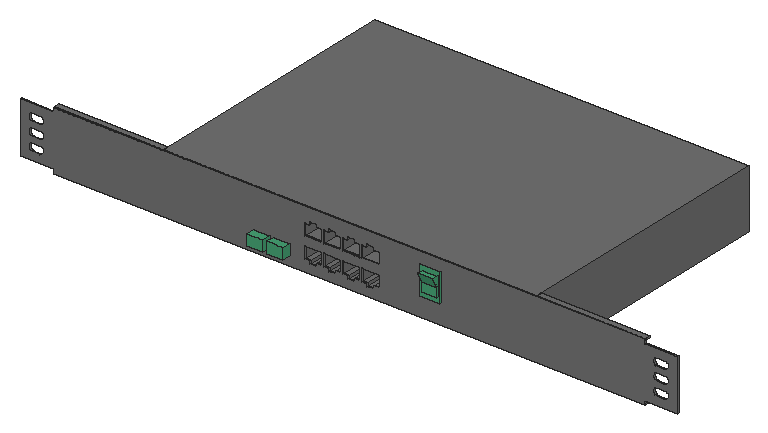
Revit family "STS-576_RV17_LOD400_(06.11.23)", category Электрооборудование, Revit 2017
Family settings
  Конфигурация панели = Два столбца, слева направо
  Размер круглого соединителя = Использовать диаметр
  Тип детали = Щит
  На основе рабочей плоскости = Нет
  Всегда вертикально = Нет
  При загрузке вырезать с полостями = Нет
  Общий = Нет
  Точка расчета площади = Нет
Parameters (values of type "STS-576")
  Тип разъема = "2xLC"
  Тип кабеля = "SМ 9/125 μm"
  Смещение_УГО_Y [instance] = 0 mm
  Смещение_УГО_X [instance] = 0 mm
  Скорость передачи данных SFP (оптический порт), Мбит/с = "10/100/1000"
  Скорость передачи данных Ethernet (RG-45), Мбит/с = "10/100/1000"
  Расстояние передачи данных (информации), дальность действия по оптическому кабелю, до, м = 20000 mm
  Расстояние передачи данных (информации), дальность действия по кабелю UTP-5e, до, м = 100 mm
  Раздел проекта [instance] = ""
  Раздел Спецификации [instance] = ""
  Потребляемый ток при напряжении 220В, не более, А = 1 A
  Потребляемый ток при напряжении 12В, не более, А = 4.2 A
  Поддерживаемые стандарты Ethеrnеt = "EEE802.3u 100BASE-TX, IEEE802.3 10BASE-T, IEEE802.3z 1000Base-X, IEEE802.3x Flow Control"
  Напряжение электропитания постоянного тока, В = "12 ± 10%"
  Напряжение электропитания переменного тока, В/ Гц = "220 / 50"
  Напряжение = "12"
  Количество разъемов клеммная колодка, шт. = 1
  Количество разъемов SFP, шт. = 2
  Количество разъемов  RG-45, шт. = 8
  Защита от переполюсовки = "да"
  Длина волны, нм = 1310
  Диапазон рабочих температур, С = "от –40 до +50"
  Время непрерывной работы, ч = "круглосуточно"
  В_Смещение_УГО_Y [instance] = Смещение_УГО_Y + 2000 mm  # 2000 mm
  В_Смещение_УГО_X [instance] = Смещение_УГО_X + 2000 mm  # 2000 mm
  d_короба = 20 mm
  ADSK_Размер_Длина = 490 mm
  ADSK_Размер_Глубина = 208 mm
  ADSK_Размер_Высота = 44 mm
  ADSK_Примечание = ""
  ADSK_Наименование = "Блок связи станционный STS-576"
  ADSK_Масса = 2
  ADSK_Марка = "СТВФ.426471.140"
  ADSK_Количество = 1
  ADSK_Завод-изготовитель = "ООО «Основа Безопасности»"  # constant formula
  ADSK_Единица измерения = "шт."  # constant formula
  ADSK_URL страницы изделия = "https://stilsoft.ru/products/sts-576"
  ADSK_URL документации изделия = ""
Reference planes
  plane 1 "По центру (Вперед/Назад)": y = 0
  plane 2: z = 0
  plane 3 "По центру (Влево/Вправо)": x = 0
  plane 4: y = 2000
  plane 5: x = -2000
  plane 6: x = 0
  plane 7: y = 0
  plane 8: z = 44
  plane 9: x = 245
  plane 10: x = -245
  plane 11: y = 207
  plane 12: y = -1
  plane 13: x = 139
  plane 14: x = -139
  plane 15: y = 4
  plane 16: y = 197
Forms (mm)
  Extrusion 1, solid, material "корпус", detail levels medium+fine
    sketch origin (0, 0, 0) x (1, 0, 0) y (0, 0, 1)
      loop
        line (-220, 41) -> (-245, 41) -> (-245, 3) -> (-220, 3) -> (-220, 0) -> (220, 0) -> (220, 3) -> (245, 3) -> (245, 41) -> (220, 41) -> (220, 44) -> (-220, 44) -> (-220, 41)
      loop
        arc (-235.231, 25.005) -> (-238.236, 22) -> (-235.231, 18.995) r 3.005
        line (-235.231, 18.995) -> (-230.231, 18.995)
        arc (-230.231, 18.995) -> (-227.227, 22) -> (-230.231, 25.005) r 3.005
        line (-230.231, 25.005) -> (-235.231, 25.005)
      loop
        arc (-235.231, 35.005) -> (-238.236, 32) -> (-235.231, 28.995) r 3.005
        line (-235.231, 28.995) -> (-230.231, 28.995)
        arc (-230.231, 28.995) -> (-227.227, 32) -> (-230.231, 35.005) r 3.005
        line (-230.231, 35.005) -> (-235.231, 35.005)
      loop
        line (-235.231, 8.995) -> (-230.231, 8.995)
        arc (-230.231, 8.995) -> (-227.227, 12) -> (-230.231, 15.005) r 3.005
        line (-230.231, 15.005) -> (-235.231, 15.005)
        arc (-235.231, 15.005) -> (-238.236, 12) -> (-235.231, 8.995) r 3.005
      loop
        line (235.231, 25.005) -> (230.231, 25.005)
        arc (230.231, 25.005) -> (227.227, 22) -> (230.231, 18.995) r 3.005
        line (230.231, 18.995) -> (235.231, 18.995)
        arc (235.231, 18.995) -> (238.236, 22) -> (235.231, 25.005) r 3.005
      loop
        line (235.231, 35.005) -> (230.231, 35.005)
        arc (230.231, 35.005) -> (227.227, 32) -> (230.231, 28.995) r 3.005
        line (230.231, 28.995) -> (235.231, 28.995)
        arc (235.231, 28.995) -> (238.236, 32) -> (235.231, 35.005) r 3.005
      loop
        arc (235.231, 8.995) -> (238.236, 12) -> (235.231, 15.005) r 3.005
        line (235.231, 15.005) -> (230.231, 15.005)
        arc (230.231, 15.005) -> (227.227, 12) -> (230.231, 8.995) r 3.005
        line (230.231, 8.995) -> (235.231, 8.995)
    from 0 to 1
  Extrusion 2, solid, material "корпус", detail levels medium+fine
    sketch origin (0, 0, 0) x (1, 0, 0) y (0, 0, 1)
      loop
        line (-220, 44) -> (-220, 42.956) -> (-139, 42.956) -> (-139, 44) -> (-220, 44)
      loop
        line (-220, 1.044) -> (-220, 0) -> (-139, 0) -> (-139, 1.044) -> (-220, 1.044)
      loop
        line (220, 44) -> (139, 44) -> (139, 42.956) -> (220, 42.956) -> (220, 44)
      loop
        line (220, 1.044) -> (139, 1.044) -> (139, 0) -> (220, 0) -> (220, 1.044)
    from 0 to -4
  Extrusion 3, solid, material "корпус", detail levels medium+fine
    sketch origin (0, 0, 0) x (1, 0, 0) y (0, 0, 1)
      loop
        line (-139, 44) -> (-139, 0) -> (139, 0) -> (139, 44) -> (-139, 44)
    from 0 to -197
  Extrusion 4, solid, material "соединения 2", detail levels medium+fine
    sketch origin (0, 0, 0) x (1, 0, 0) y (0, 0, 1)
      loop
        arc (66.339, 37.447) -> (64.372, 36.973) -> (62.953, 35.531) r 3.682
        line (62.953, 35.531) -> (55.927, 22.703)
        arc (55.927, 22.703) -> (55.477, 20.947) -> (55.927, 19.192) r 3.654
        line (55.927, 19.192) -> (62.953, 6.364)
        arc (62.953, 6.364) -> (64.372, 4.922) -> (66.339, 4.447) r 3.682
        line (66.339, 4.447) -> (86.661, 4.447)
        arc (86.661, 4.447) -> (88.628, 4.922) -> (90.047, 6.364) r 3.682
        line (90.047, 6.364) -> (97.24, 19.496)
        arc (97.24, 19.496) -> (97.611, 20.947) -> (97.24, 22.398) r 3.021
        line (97.24, 22.398) -> (90.047, 35.531)
        arc (90.047, 35.531) -> (88.628, 36.973) -> (86.661, 37.447) r 3.682
        line (86.661, 37.447) -> (66.339, 37.447)
    from -197 to -200
  Extrusion 5, solid, material "соединения 2", detail levels medium+fine
    sketch origin (0, 0, 0) x (1, 0, 0) y (0, 0, 1)
      loop
        line (64.372, 31.874) -> (64.372, 10.021)
        arc (64.372, 10.021) -> (65.443, 7.435) -> (68.029, 6.364) r 3.657
        line (68.029, 6.364) -> (84.971, 6.364)
        arc (84.971, 6.364) -> (87.557, 7.435) -> (88.628, 10.021) r 3.657
        line (88.628, 10.021) -> (88.628, 31.874)
        arc (88.628, 31.874) -> (87.557, 34.46) -> (84.971, 35.531) r 3.657
        line (84.971, 35.531) -> (68.029, 35.531)
        arc (68.029, 35.531) -> (65.443, 34.46) -> (64.372, 31.874) r 3.657
    from -200 to -203
  Extrusion 6, void, detail levels medium+fine
    sketch origin (0, 0, 0) x (1, 0, 0) y (0, 0, 1)
      loop
        line (66.304, 20.683) -> (86.304, 20.683) -> (86.304, 30.205) -> (82.768, 33.741) -> (69.839, 33.741) -> (66.304, 30.205) -> (66.304, 20.683)
    from -203 to -190
  Extrusion 7, solid, material "соединения", detail levels medium+fine
    sketch origin (-37.355, 197, -1.109) x (-1, 0, 0) y (0, 0, 1)
      loop
        line (-59.92, 8.372) -> (-59.92, 17.372) -> (-70.908, 17.372) -> (-70.908, 8.372) -> (-59.92, 8.372)
    from 0 to 1
  Extrusion 8, solid, material "соединения", detail levels medium+fine
    sketch origin (-37.355, 197, -1.109) x (-1, 0, 0) y (0, 0, 1)
      loop
        line (-59.908, 8.372) -> (-59.908, 9.901)
        arc (-59.908, 9.901) -> (-62.396, 9.213) -> (-64.878, 9.919) r 4.778
        arc (-64.878, 9.919) -> (-67.378, 9.213) -> (-69.878, 9.919) r 4.778
        line (-69.878, 9.919) -> (-70.908, 9.919) -> (-70.908, 8.372) -> (-59.908, 8.372)
      loop
        line (-70.908, 17.372) -> (-70.908, 15.783) -> (-59.92, 15.783) -> (-59.92, 17.372) -> (-70.908, 17.372)
    from 1 to 10
  Blend 9, solid, material "соединения", detail levels medium+fine
    base sketch origin (-37.355, 197, -1.109) x (-1, 0, 0) y (0, 0, 1)
      loop
        circle (-62.378, 12.498) r 1.379
    top sketch origin (-37.355, 197, -1.109) x (-1, 0, 0) y (0, 0, 1)
      loop
        circle (-62.378, 12.498) r 0.948
    from 1 to 3
  Blend 10, solid, material "соединения", detail levels medium+fine
    base sketch origin (-37.355, 197, -1.109) x (-1, 0, 0) y (0, 0, 1)
      loop
        line (-61.926, 12.946) -> (-62.852, 12.946) -> (-62.852, 12.024) -> (-61.926, 12.024) -> (-61.926, 12.946)
    top sketch origin (-37.355, 197, -1.109) x (-1, 0, 0) y (0, 0, 1)
      loop
        line (-61.997, 12.862) -> (-62.799, 12.862) -> (-62.799, 12.075) -> (-61.997, 12.075) -> (-61.997, 12.862)
    from 3 to 8
  Blend 11, void, detail levels medium+fine
    base sketch origin (45.786, 191.297, -2.584) x (1, 0, 0) y (0, 0, -1)
      loop
        line (-16.72, -18.848) -> (-14.723, -18.848) -> (-14.723, -17.258) -> (-16.72, -17.258) -> (-16.72, -18.848)
    top sketch origin (45.786, 191.297, -2.584) x (1, 0, 0) y (0, 0, -1)
      loop
        line (-16.213, -18.848) -> (-15.166, -18.848) -> (-15.166, -17.258) -> (-16.213, -17.258) -> (-16.213, -18.848)
    from 15.703 to 13.143
  Blend 12, solid, material "соединения", detail levels medium+fine
    base sketch origin (-37.355, 197, -1.109) x (-1, 0, 0) y (0, 0, 1)
      loop
        circle (-67.378, 12.498) r 1.379
    top sketch origin (-37.355, 197, -1.109) x (-1, 0, 0) y (0, 0, 1)
      loop
        circle (-67.378, 12.498) r 0.948
    from 1 to 3
  Blend 13, solid, material "соединения", detail levels medium+fine
    base sketch origin (-37.355, 197, -1.109) x (-1, 0, 0) y (0, 0, 1)
      loop
        line (-66.926, 12.946) -> (-67.852, 12.946) -> (-67.852, 12.024) -> (-66.926, 12.024) -> (-66.926, 12.946)
    top sketch origin (-37.355, 197, -1.109) x (-1, 0, 0) y (0, 0, 1)
      loop
        line (-66.997, 12.862) -> (-67.799, 12.862) -> (-67.799, 12.075) -> (-66.997, 12.075) -> (-66.997, 12.862)
    from 3 to 8
  Blend 14, void, detail levels medium+fine
    base sketch origin (40.786, 191.297, -2.584) x (1, 0, 0) y (0, 0, -1)
      loop
        line (-16.72, -18.848) -> (-14.723, -18.848) -> (-14.723, -17.258) -> (-16.72, -17.258) -> (-16.72, -18.848)
    top sketch origin (40.786, 191.297, -2.584) x (1, 0, 0) y (0, 0, -1)
      loop
        line (-16.213, -18.848) -> (-15.166, -18.848) -> (-15.166, -17.258) -> (-16.213, -17.258) -> (-16.213, -18.848)
    from 15.703 to 13.143
  Extrusion 15, solid, material "соединения", detail levels medium+fine
    sketch origin (0, 0, 0) x (1, 0, 0) y (0, 0, 1)
      loop
        line (53.17, 35.622) -> (53.17, 14.622) -> (68.17, 14.622) -> (68.17, 35.622) -> (53.17, 35.622)
    from 1 to 1.5
  Extrusion 16, solid, material "соединения", detail levels medium+fine
    sketch origin (55.17, 0, 0) x (0, 0, -1) y (0, -1, 0)
      loop
        line (-25.122, 1.5) -> (-18.139, 1.5) -> (-18.139, 2.396) -> (-25.122, 2.396) -> (-32.111, 5.655) -> (-32.111, 1.5) -> (-25.122, 1.5)
    from 0 to -11
  Extrusion 17, void
    sketch origin (-7.183, 83.5, 0.057) x (1, 0, 0) y (0, 0, 1)
      loop
        line (-25.878, 23.948) -> (-12.878, 23.948) -> (-12.878, 32.948) -> (-16.878, 32.948) -> (-16.878, 34.948) -> (-21.878, 34.948) -> (-21.878, 32.948) -> (-25.878, 32.948) -> (-25.878, 23.948)
    from 84.5 to 70
  Extrusion 18, void
    sketch origin (-7.183, 83.5, 41.557) x (1, 0, 0) y (0, 0, 1)
      loop
        line (-25.878, -23.948) -> (-25.878, -32.948) -> (-21.878, -32.948) -> (-21.878, -34.948) -> (-16.878, -34.948) -> (-16.878, -32.948) -> (-12.878, -32.948) -> (-12.878, -23.948) -> (-25.878, -23.948)
    from 84.5 to 70
  Extrusion 19, void
    sketch origin (6.997, 83.5, 0.057) x (1, 0, 0) y (0, 0, 1)
      loop
        line (-25.878, 23.948) -> (-12.878, 23.948) -> (-12.878, 32.948) -> (-16.878, 32.948) -> (-16.878, 34.948) -> (-21.878, 34.948) -> (-21.878, 32.948) -> (-25.878, 32.948) -> (-25.878, 23.948)
    from 84.5 to 70
  Extrusion 20, void
    sketch origin (6.997, 83.5, 41.557) x (1, 0, 0) y (0, 0, 1)
      loop
        line (-25.878, -23.948) -> (-25.878, -32.948) -> (-21.878, -32.948) -> (-21.878, -34.948) -> (-16.878, -34.948) -> (-16.878, -32.948) -> (-12.878, -32.948) -> (-12.878, -23.948) -> (-25.878, -23.948)
    from 84.5 to 70
  Extrusion 21, void
    sketch origin (21.176, 83.5, 0.057) x (1, 0, 0) y (0, 0, 1)
      loop
        line (-25.878, 23.948) -> (-12.878, 23.948) -> (-12.878, 32.948) -> (-16.878, 32.948) -> (-16.878, 34.948) -> (-21.878, 34.948) -> (-21.878, 32.948) -> (-25.878, 32.948) -> (-25.878, 23.948)
    from 84.5 to 70
  Extrusion 22, void
    sketch origin (21.176, 83.5, 41.557) x (1, 0, 0) y (0, 0, 1)
      loop
        line (-25.878, -23.948) -> (-25.878, -32.948) -> (-21.878, -32.948) -> (-21.878, -34.948) -> (-16.878, -34.948) -> (-16.878, -32.948) -> (-12.878, -32.948) -> (-12.878, -23.948) -> (-25.878, -23.948)
    from 84.5 to 70
  Extrusion 23, void
    sketch origin (35.356, 83.5, 0.057) x (1, 0, 0) y (0, 0, 1)
      loop
        line (-25.878, 23.948) -> (-12.878, 23.948) -> (-12.878, 32.948) -> (-16.878, 32.948) -> (-16.878, 34.948) -> (-21.878, 34.948) -> (-21.878, 32.948) -> (-25.878, 32.948) -> (-25.878, 23.948)
    from 84.5 to 70
  Extrusion 24, void
    sketch origin (35.356, 83.5, 41.557) x (1, 0, 0) y (0, 0, 1)
      loop
        line (-25.878, -23.948) -> (-25.878, -32.948) -> (-21.878, -32.948) -> (-21.878, -34.948) -> (-16.878, -34.948) -> (-16.878, -32.948) -> (-12.878, -32.948) -> (-12.878, -23.948) -> (-25.878, -23.948)
    from 84.5 to 70
  Extrusion 25, solid, material "соединения", detail levels medium+fine
    sketch origin (0, 0, 0) x (1, 0, 0) y (0, 0, 1)
      loop
        line (-56.274, 14.899) -> (-56.274, 6.758) -> (-44.297, 6.758) -> (-44.297, 14.899) -> (-56.274, 14.899)
      loop
        line (-71.274, 14.899) -> (-71.274, 6.758) -> (-59.297, 6.758) -> (-59.297, 14.899) -> (-71.274, 14.899)
    from 1 to 7
Cuts and joins
  Extrusion 6, Extrusion 17, Extrusion 18, Extrusion 19, Extrusion 20, Extrusion 21, Extrusion 22, Extrusion 23, Extrusion 24 cuts Extrusion 3
  Extrusion 6 cuts Extrusion 4
  Extrusion 6 cuts Extrusion 5
  Blend 11, Blend 14 cuts Extrusion 8
  Extrusion 17, Extrusion 18, Extrusion 19, Extrusion 20, Extrusion 21, Extrusion 22, Extrusion 23, Extrusion 24 cuts Extrusion 1
Dimensions and locks
  locked: plane 4 to plane 1 "По центру (Вперед/Назад)" at 2000
  locked: plane 5 to plane 3 "По центру (Влево/Вправо)" at 2000
  "В_Смещение_УГО_X": plane 5 to plane 6
  "В_Смещение_УГО_Y": plane 4 to plane 7
  "ADSK_Размер_Высота": plane 8 to level
  "ADSK_Размер_Длина": plane 10 to plane 9
  "ADSK_Размер_Глубина": plane 12 to plane 11
  aligned and locked: level to plane 2
  aligned and locked: Extrusion 7 to cut or joined group 1 (Extrusion 3, Extrusion 6, Extrusion 17, Extrusion 18, Extrusion 19, Extrusion 20, Extrusion 21, Extrusion 22, Extrusion 23, Extrusion 24)
  aligned and locked: Extrusion 7 to cut or joined group of Extrusion 8, Blend 11, Blend 14
  aligned and locked: Extrusion 16 to Extrusion 15
Automatic sketch dimensions
  plane 10 to Extrusion 1 sketch curve = 0 mm
  Extrusion 1 sketch curve to plane 8 = 0 mm
  Extrusion 1 sketch curve to level = 0 mm
  Extrusion 1 sketch curve to plane 9 = 0 mm
  Extrusion 1 sketch curve to plane 10 = 9.769 mm
  Extrusion 1 sketch curve to Extrusion 1 sketch curve = 0 mm  (x5)
  Extrusion 1 sketch curve to Extrusion 1 sketch curve = 5 mm  (x5)
  Extrusion 1 sketch curve to Extrusion 1 sketch curve = 3.005 mm  (x6)
  Extrusion 1 sketch curve to Extrusion 1 sketch curve = 3.991 mm  (x4)
  Extrusion 2 sketch curve to plane 8 = 0 mm  (x2)
  Extrusion 2 sketch curve to level = 0 mm  (x2)
  plane 14 to Extrusion 2 sketch curve = 0 mm  (x2)
  Extrusion 2 sketch curve to plane 13 = 0 mm  (x2)
  level to Extrusion 2 sketch curve = 1.044 mm  (x2)
  Extrusion 2 sketch curve to plane 8 = 1.044 mm  (x2)
  Extrusion 1 sketch curve to plane 8 = 3 mm  (x2)
  level to Extrusion 1 sketch curve = 3 mm  (x2)
  level to Extrusion 1 sketch curve = 8.995 mm  (x2)
  Extrusion 1 sketch curve to Extrusion 1 sketch curve = 10.231 mm  (x3)
  Extrusion 2 sketch curve to plane 10 = 25 mm  (x2)
  Extrusion 1 sketch curve to plane 9 = 25 mm  (x2)
  Extrusion 2 sketch curve to plane 9 = 25 mm  (x2)
  Extrusion 3 sketch curve to level = 0 mm
  Extrusion 3 sketch curve to plane 14 = 0 mm
  plane 13 to Extrusion 3 sketch curve = 0 mm
  Extrusion 3 sketch curve to plane 8 = 0 mm
  Extrusion 4 sketch curve to Extrusion 4 sketch curve = 3.205 mm
  Extrusion 4 sketch curve to Extrusion 4 sketch curve = 3.233 mm  (x4)
  Extrusion 4 sketch curve to Extrusion 4 sketch curve = 0.154 mm  (x4)
  Extrusion 4 sketch curve to Extrusion 4 sketch curve = 12.828 mm
  Extrusion 4 sketch curve to Extrusion 4 sketch curve = 13.133 mm
  Extrusion 4 sketch curve to Extrusion 4 sketch curve = 1.755 mm
  Extrusion 4 sketch curve to Extrusion 4 sketch curve = 1.451 mm
  Extrusion 4 sketch curve to plane 8 = 6.553 mm
  Extrusion 4 sketch curve to Extrusion 4 sketch curve = 20.321 mm  (x2)
  Extrusion 4 sketch curve to Extrusion 4 sketch curve = 7.054 mm
  Extrusion 4 sketch curve to Extrusion 4 sketch curve = 3.679 mm  (x2)
  level to Extrusion 4 sketch curve = 19.192 mm
  plane 3 "По центру (Влево/Вправо)" to Extrusion 4 sketch curve = 55.927 mm
  Extrusion 4 sketch curve to plane 8 = 21.297 mm
  Extrusion 4 sketch curve to Extrusion 4 sketch curve = 7.026 mm
  Extrusion 4 sketch curve to Extrusion 4 sketch curve = 7.776 mm
  Extrusion 4 sketch curve to Extrusion 4 sketch curve = 2.649 mm
  Extrusion 4 sketch curve to plane 8 = 21.602 mm
  Extrusion 4 sketch curve to Extrusion 4 sketch curve = 0 mm
  Extrusion 4 sketch curve to Extrusion 4 sketch curve = 1.916 mm
  Extrusion 5 sketch curve to plane 8 = 12.126 mm
  plane 3 "По центру (Влево/Вправо)" to Extrusion 5 sketch curve = 64.372 mm
  Extrusion 5 sketch curve to Extrusion 5 sketch curve = 3.657 mm  (x4)
  Extrusion 5 sketch curve to Extrusion 5 sketch curve = 16.942 mm
  level to Extrusion 5 sketch curve = 10.021 mm
  Extrusion 6 sketch curve to plane 8 = 23.317 mm
  plane 3 "По центру (Влево/Вправо)" to Extrusion 6 sketch curve = 66.304 mm
  Extrusion 6 sketch curve to Extrusion 6 sketch curve = 20 mm
  Extrusion 6 sketch curve to Extrusion 6 sketch curve = 9.522 mm  (x2)
  Extrusion 6 sketch curve to Extrusion 6 sketch curve = 3.536 mm  (x2)
  Extrusion 6 sketch curve to plane 8 = 10.259 mm
  level to Extrusion 7 sketch curve = 7.263 mm
  plane 3 "По центру (Влево/Вправо)" to Extrusion 7 sketch curve = 33.552 mm
  Extrusion 7 sketch curve to Extrusion 7 sketch curve = 10.988 mm
  Extrusion 7 sketch curve to Extrusion 7 sketch curve = 9 mm
  level to Extrusion 8 sketch curve = 16.263 mm
  plane 3 "По центру (Влево/Вправо)" to Extrusion 8 sketch curve = 33.552 mm
  level to Extrusion 8 sketch curve = 7.263 mm
  Extrusion 8 sketch curve to Extrusion 8 sketch curve = 0 mm
  Extrusion 8 sketch curve to Extrusion 8 sketch curve = 1.03 mm
  Extrusion 8 sketch curve to Extrusion 8 sketch curve = 3.53 mm
  Extrusion 8 sketch curve to Extrusion 8 sketch curve = 5 mm
  Extrusion 8 sketch curve to Extrusion 8 sketch curve = 2.458 mm
  Extrusion 8 sketch curve to Extrusion 8 sketch curve = 2.47 mm
  Extrusion 8 sketch curve to Extrusion 8 sketch curve = 1.529 mm
  Extrusion 8 sketch curve to Extrusion 8 sketch curve = 1.547 mm
  Extrusion 8 sketch curve to Extrusion 8 sketch curve = 4.071 mm
  Extrusion 8 sketch curve to Extrusion 8 sketch curve = 3.382 mm
  Extrusion 8 sketch curve to Extrusion 8 sketch curve = 1.589 mm
  level to Blend 9 sketch curve = 11.389 mm  (x2)
  plane 3 "По центру (Влево/Вправо)" to Blend 9 sketch curve = 25.023 mm  (x2)
  level to Blend 10 sketch curve = 11.838 mm
  plane 3 "По центру (Влево/Вправо)" to Blend 10 sketch curve = 25.497 mm
  Blend 10 sketch curve to Blend 10 sketch curve = 0.926 mm
  Blend 10 sketch curve to Blend 10 sketch curve = 0.922 mm
  level to Blend 10 sketch curve = 11.753 mm
  plane 3 "По центру (Влево/Вправо)" to Blend 10 sketch curve = 25.443 mm
  Blend 10 sketch curve to Blend 10 sketch curve = 0.802 mm
  Blend 10 sketch curve to Blend 10 sketch curve = 0.786 mm
  level to Blend 11 sketch curve = 16.263 mm
  plane 3 "По центру (Влево/Вправо)" to Blend 11 sketch curve = 29.067 mm
  Blend 11 sketch curve to Blend 11 sketch curve = 1.996 mm
  Blend 11 sketch curve to Blend 11 sketch curve = 1.589 mm  (x2)
  level to Blend 11 sketch curve = 14.674 mm
  plane 3 "По центру (Влево/Вправо)" to Blend 11 sketch curve = 29.573 mm
  Blend 11 sketch curve to Blend 11 sketch curve = 1.047 mm
  level to Blend 12 sketch curve = 11.389 mm  (x2)
  plane 3 "По центру (Влево/Вправо)" to Blend 12 sketch curve = 30.023 mm  (x2)
  level to Blend 13 sketch curve = 11.838 mm
  plane 3 "По центру (Влево/Вправо)" to Blend 13 sketch curve = 30.497 mm
  Blend 13 sketch curve to Blend 13 sketch curve = 0.926 mm
  Blend 13 sketch curve to Blend 13 sketch curve = 0.922 mm
  level to Blend 13 sketch curve = 11.753 mm
  plane 3 "По центру (Влево/Вправо)" to Blend 13 sketch curve = 30.443 mm
  Blend 13 sketch curve to Blend 13 sketch curve = 0.802 mm
  Blend 13 sketch curve to Blend 13 sketch curve = 0.786 mm
  level to Blend 14 sketch curve = 16.263 mm
  plane 3 "По центру (Влево/Вправо)" to Blend 14 sketch curve = 24.067 mm
  Blend 14 sketch curve to Blend 14 sketch curve = 1.996 mm
  Blend 14 sketch curve to Blend 14 sketch curve = 1.589 mm  (x2)
  level to Blend 14 sketch curve = 14.674 mm
  plane 3 "По центру (Влево/Вправо)" to Blend 14 sketch curve = 24.573 mm
  Blend 14 sketch curve to Blend 14 sketch curve = 1.047 mm
  level to Extrusion 15 sketch curve = 14.622 mm
  plane 3 "По центру (Влево/Вправо)" to Extrusion 15 sketch curve = 68.17 mm
  Extrusion 15 sketch curve to plane 8 = 8.378 mm
  Extrusion 15 sketch curve to Extrusion 15 sketch curve = 15 mm
  plane 12 to Extrusion 16 sketch curve = 0.5 mm
  Extrusion 16 sketch curve to plane 8 = 11.889 mm
  plane 12 to Extrusion 16 sketch curve = 1.396 mm
  Extrusion 16 sketch curve to Extrusion 16 sketch curve = 6.988 mm
  Extrusion 16 sketch curve to Extrusion 16 sketch curve = 6.984 mm
  Extrusion 16 sketch curve to Extrusion 16 sketch curve = 4.155 mm
  Extrusion 16 sketch curve to Extrusion 16 sketch curve = 0 mm
  Extrusion 17 sketch curve to plane 14 = 105.939 mm
  Extrusion 17 sketch curve to Extrusion 17 sketch curve = 4 mm  (x2)
  Extrusion 17 sketch curve to Extrusion 17 sketch curve = 5 mm
  Extrusion 17 sketch curve to plane 8 = 19.995 mm
  Extrusion 17 sketch curve to Extrusion 17 sketch curve = 9 mm
  Extrusion 17 sketch curve to Extrusion 17 sketch curve = 0 mm
  Extrusion 17 sketch curve to Extrusion 17 sketch curve = 2 mm
  Extrusion 18 sketch curve to plane 14 = 105.939 mm
  Extrusion 18 sketch curve to Extrusion 18 sketch curve = 4 mm  (x2)
  Extrusion 18 sketch curve to Extrusion 18 sketch curve = 5 mm
  Extrusion 18 sketch curve to plane 8 = 37.391 mm
  Extrusion 18 sketch curve to Extrusion 18 sketch curve = 2 mm  (x2)
  Extrusion 18 sketch curve to Extrusion 18 sketch curve = 9 mm
  Extrusion 19 sketch curve to plane 14 = 120.119 mm
  Extrusion 19 sketch curve to Extrusion 19 sketch curve = 4 mm  (x2)
  Extrusion 19 sketch curve to Extrusion 19 sketch curve = 5 mm
  Extrusion 19 sketch curve to plane 8 = 19.995 mm
  Extrusion 19 sketch curve to Extrusion 19 sketch curve = 9 mm
  Extrusion 19 sketch curve to Extrusion 19 sketch curve = 0 mm
  Extrusion 19 sketch curve to Extrusion 19 sketch curve = 2 mm
  Extrusion 20 sketch curve to plane 14 = 120.119 mm
  Extrusion 20 sketch curve to Extrusion 20 sketch curve = 4 mm  (x2)
  Extrusion 20 sketch curve to Extrusion 20 sketch curve = 5 mm
  Extrusion 20 sketch curve to plane 8 = 37.391 mm
  Extrusion 20 sketch curve to Extrusion 20 sketch curve = 2 mm  (x2)
  Extrusion 20 sketch curve to Extrusion 20 sketch curve = 9 mm
  Extrusion 21 sketch curve to plane 14 = 134.298 mm
  Extrusion 21 sketch curve to Extrusion 21 sketch curve = 4 mm
  Extrusion 21 sketch curve to plane 14 = 143.298 mm
  Extrusion 21 sketch curve to plane 14 = 147.298 mm
  Extrusion 21 sketch curve to plane 8 = 19.995 mm
  Extrusion 21 sketch curve to Extrusion 21 sketch curve = 9 mm
  Extrusion 21 sketch curve to Extrusion 21 sketch curve = 0 mm
  Extrusion 21 sketch curve to Extrusion 21 sketch curve = 2 mm
  Extrusion 22 sketch curve to plane 14 = 134.298 mm
  Extrusion 22 sketch curve to Extrusion 22 sketch curve = 4 mm
  Extrusion 22 sketch curve to plane 14 = 143.298 mm
  Extrusion 22 sketch curve to plane 14 = 147.298 mm
  Extrusion 22 sketch curve to plane 8 = 37.391 mm
  Extrusion 22 sketch curve to Extrusion 22 sketch curve = 2 mm  (x2)
  Extrusion 22 sketch curve to Extrusion 22 sketch curve = 9 mm
  Extrusion 23 sketch curve to plane 14 = 148.478 mm
  Extrusion 23 sketch curve to Extrusion 23 sketch curve = 4 mm  (x2)
  Extrusion 23 sketch curve to Extrusion 23 sketch curve = 5 mm
  Extrusion 23 sketch curve to plane 8 = 19.995 mm
  Extrusion 23 sketch curve to Extrusion 23 sketch curve = 9 mm
  Extrusion 23 sketch curve to Extrusion 23 sketch curve = 0 mm
  Extrusion 23 sketch curve to Extrusion 23 sketch curve = 2 mm
  Extrusion 24 sketch curve to plane 14 = 148.478 mm
  Extrusion 24 sketch curve to Extrusion 24 sketch curve = 4 mm  (x2)
  Extrusion 24 sketch curve to Extrusion 24 sketch curve = 5 mm
  Extrusion 24 sketch curve to plane 8 = 37.391 mm
  Extrusion 24 sketch curve to Extrusion 24 sketch curve = 2 mm  (x2)
  Extrusion 24 sketch curve to Extrusion 24 sketch curve = 9 mm
  level to Extrusion 25 sketch curve = 6.758 mm
  Extrusion 25 sketch curve to plane 14 = 67.726 mm
  Extrusion 25 sketch curve to Extrusion 25 sketch curve = 11.978 mm  (x2)
  Extrusion 25 sketch curve to Extrusion 25 sketch curve = 3.022 mm
  Extrusion 25 sketch curve to Extrusion 25 sketch curve = 0 mm  (x2)
  Extrusion 25 sketch curve to Extrusion 25 sketch curve = 8.14 mm
  radius of Blend 9 sketch curve = 1.379 mm
  radius of Blend 9 sketch curve = 0.948 mm
  radius of Blend 12 sketch curve = 1.379 mm
  radius of Blend 12 sketch curve = 0.948 mm
Connectors
  electrical at (76.304, 190, 28.21)
    settings: on cut or joined group 1, index 1, voltage 0 V, apparent load 0 VA, apparent load phase1 0 VA, apparent load phase2 0 VA, apparent load phase3 0 VA, power factor 1, load classification "Прочее", number of poles 1, system type 31, power factor state 1, is connector primary yes, connector utility no, sub classification motor no, connector description ""
  electrical at (1.798, 0, 31.255)
    settings: on cut or joined group 1, index 2, voltage 0 V, apparent load 0 VA, apparent load phase1 0 VA, apparent load phase2 0 VA, apparent load phase3 0 VA, power factor 1, load classification "Прочее", number of poles 1, system type 31, power factor state 1, is connector primary no, connector utility no, sub classification motor no, connector description ""
  electrical at (-12.381, 0, 31.255)
    settings: on cut or joined group 1, index 3, voltage 0 V, apparent load 0 VA, apparent load phase1 0 VA, apparent load phase2 0 VA, apparent load phase3 0 VA, power factor 1, load classification "Прочее", number of poles 1, system type 31, power factor state 1, is connector primary no, connector utility no, sub classification motor no, connector description ""
  electrical at (-26.561, 0, 31.255)
    settings: on cut or joined group 1, index 4, voltage 0 V, apparent load 0 VA, apparent load phase1 0 VA, apparent load phase2 0 VA, apparent load phase3 0 VA, power factor 1, load classification "Прочее", number of poles 1, system type 31, power factor state 1, is connector primary no, connector utility no, sub classification motor no, connector description ""
  electrical at (-26.561, 0, 10.359)
    settings: on cut or joined group 1, index 5, voltage 0 V, apparent load 0 VA, apparent load phase1 0 VA, apparent load phase2 0 VA, apparent load phase3 0 VA, power factor 1, load classification "Прочее", number of poles 1, system type 31, power factor state 1, is connector primary no, connector utility no, sub classification motor no, connector description ""
  electrical at (-12.381, 0, 10.359)
    settings: on cut or joined group 1, index 6, voltage 0 V, apparent load 0 VA, apparent load phase1 0 VA, apparent load phase2 0 VA, apparent load phase3 0 VA, power factor 1, load classification "Прочее", number of poles 1, system type 31, power factor state 1, is connector primary no, connector utility no, sub classification motor no, connector description ""
  electrical at (1.798, 0, 10.359)
    settings: on cut or joined group 1, index 7, voltage 0 V, apparent load 0 VA, apparent load phase1 0 VA, apparent load phase2 0 VA, apparent load phase3 0 VA, power factor 1, load classification "Прочее", number of poles 1, system type 31, power factor state 1, is connector primary no, connector utility no, sub classification motor no, connector description ""
  electrical at (15.978, 0, 10.359)
    settings: on cut or joined group 1, index 8, voltage 0 V, apparent load 0 VA, apparent load phase1 0 VA, apparent load phase2 0 VA, apparent load phase3 0 VA, power factor 1, load classification "Прочее", number of poles 1, system type 31, power factor state 1, is connector primary no, connector utility no, sub classification motor no, connector description ""
  electrical at (15.978, 0, 31.255)
    settings: on cut or joined group 1, index 9, voltage 0 V, apparent load 0 VA, apparent load phase1 0 VA, apparent load phase2 0 VA, apparent load phase3 0 VA, power factor 1, load classification "Прочее", number of poles 1, system type 31, power factor state 1, is connector primary no, connector utility no, sub classification motor no, connector description ""
  cabletrayconduit at (-26.561, 0, 31.255), diameter 20, driven by "d_короба"
    settings: on cut or joined group 1, index 10, connector width 300 mm, connector height 300 mm, connector angle 0.00°, system type 32, placement type 0, profile type 0, connector reference index -1, is primary connector yes, connector utility param no, connector description ""
  cabletrayconduit at (-12.381, 0, 31.255), diameter 20, driven by "d_короба"
    settings: on cut or joined group 1, index 11, connector width 300 mm, connector height 300 mm, connector angle 0.00°, system type 32, placement type 0, profile type 0, connector reference index -1, is primary connector no, connector utility param no, connector description ""
  cabletrayconduit at (1.798, 0, 31.255), diameter 20, driven by "d_короба"
    settings: on cut or joined group 1, index 12, connector width 300 mm, connector height 300 mm, connector angle 0.00°, system type 32, placement type 0, profile type 0, connector reference index -1, is primary connector no, connector utility param no, connector description ""
  cabletrayconduit at (-26.561, 0, 10.359), diameter 20, driven by "d_короба"
    settings: on cut or joined group 1, index 13, connector width 300 mm, connector height 300 mm, connector angle 0.00°, system type 32, placement type 0, profile type 0, connector reference index -1, is primary connector no, connector utility param no, connector description ""
  cabletrayconduit at (-12.381, 13.5, 10.359), diameter 20, driven by "d_короба"
    settings: on cut or joined group 1, index 14, connector width 300 mm, connector height 300 mm, connector angle 0.00°, system type 32, placement type 0, profile type 0, connector reference index -1, is primary connector no, connector utility param no, connector description ""
  cabletrayconduit at (1.798, -1, 10.359), diameter 20, driven by "d_короба"
    settings: on cut or joined group 2 (Extrusion 1, Extrusion 17, Extrusion 18, Extrusion 19, Extrusion 20, Extrusion 21, Extrusion 22, Extrusion 23, Extrusion 24), index 15, connector width 300 mm, connector height 300 mm, connector angle 0.00°, system type 32, placement type 0, profile type 0, connector reference index -1, is primary connector no, connector utility param no, connector description ""
  cabletrayconduit at (15.978, -1, 10.359), diameter 20, driven by "d_короба"
    settings: on cut or joined group 2, index 16, connector width 300 mm, connector height 300 mm, connector angle 0.00°, system type 32, placement type 0, profile type 0, connector reference index -1, is primary connector no, connector utility param no, connector description ""
  cabletrayconduit at (15.978, 0, 31.255), diameter 20, driven by "d_короба"
    settings: on cut or joined group 1, index 17, connector width 300 mm, connector height 300 mm, connector angle 0.00°, system type 32, placement type 0, profile type 0, connector reference index -1, is primary connector no, connector utility param no, connector description ""
  cabletrayconduit at (76.304, 190, 28.21), diameter 20, driven by "d_короба"
    settings: on cut or joined group 1, index 18, connector width 300 mm, connector height 300 mm, connector angle 0.00°, system type 32, placement type 0, profile type 0, connector reference index -1, is primary connector no, connector utility param no, connector description ""
